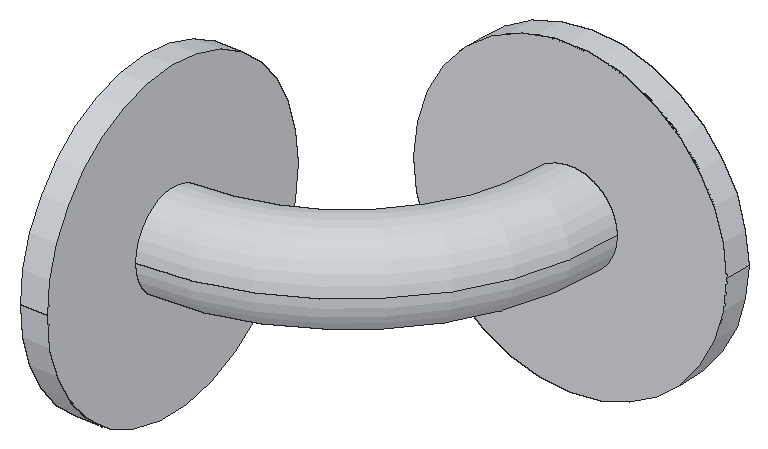
Revit family "M_Cotovelo - Flange - CS - Classe 150", category Conexões de tubo, Revit 2019
Family settings
  Cota do conector redondo = Usar raio
  Tipo de parte = Cotovelo
  Número OmniClass = 23.60.30.11.14
  Título OmniClass = Pipework Fittings
  ID de item do Seek = Elbow - Flanged - CS - Class 150-0000-CAN-ENU
  Com base no plano de trabalho = Não
  Sempre na vertical = Sim
  Corte com vazios quando carregada = Não
  Compartilhado = Não
Parameters (values of type "Padrão")
  Espessura da parede [instance] = size_lookup(Nome da tabela de pesquisa, "WThk", 0.02 * Diâmetro nominal + 4.465 mm, Diâmetro nominal)  # 4 mm
  Método de perda = Coeficiente K da tabela
  Nome da tabela de pesquisa = "M_Elbow - Flanged - CS - Class 150"
  Comprimento 4 [instance] = Centro à superfície de contato * sin(Ângulo)  # 89 mm
  Comprimento 3 [instance] = Centro à superfície de contato + Centro à superfície de contato * cos(Ângulo)  # 89 mm
  Tamanho da marca de revisão [instance] = Diâmetro externo da flange * 0.4  # 44 mm
  Espessura da face elevada [instance] = 1.587 mm  # constant formula
  Raio da face elevada [instance] = Diâmetro da face elevada / 2  # 25.4 mm
  Diâmetro da face elevada [instance] = size_lookup(Nome da tabela de pesquisa, "RFD", 1.1 * Diâmetro nominal + 38.695 mm, Diâmetro nominal)  # 50.8 mm
  Comprimento 2 [instance] = Espessura da flange e da face elevada - Espessura da face elevada  # 9.6 mm
  Tabela de coeficiente K = "Cotovelo regular flangeado 90 e 180"
  Espessura do flange [instance] = size_lookup(Nome da tabela de pesquisa, "FThk", 0.06 * Diâmetro nominal + 12.502 mm, Diâmetro nominal)  # 9.6 mm
  Raio externo da conexão [instance] = Diâmetro externo da conexão / 2  # 16.5 mm
  Diâmetro externo da conexão [instance] = Diâmetro interno da conexão + Espessura da parede * 2  # 33 mm
  Comprimento 1 [instance] = (Raio externo da conexão + 0.794 mm) * tan(Ângulo / 2) + Espessura da flange e da face elevada  # 28.481 mm
  Raio nominal [instance] = 12.5 mm
  Diâmetro nominal [instance] = Raio nominal * 2  # 25 mm
  Diâmetro interno da conexão [instance] = size_lookup(Nome da tabela de pesquisa, "FID", 0.98 * Diâmetro nominal + 2.282 mm, Diâmetro nominal)  # 25 mm
  Centro à superfície de contato 1 [instance] = size_lookup(Nome da tabela de pesquisa, "CtCS1", 0.78 * Diâmetro nominal + 77.391 mm, Diâmetro nominal)  # 89 mm
  Centro à superfície de contato 2 [instance] = size_lookup(Nome da tabela de pesquisa, "CtCS2", 0.39 * Diâmetro nominal + 51.891 mm, Diâmetro nominal)  # 44 mm
  Centro à superfície de contato [instance] = if(and(Ângulo > 0.00°, (not(Ângulo > 45.00°))), if(Centro à superfície de contato 2 > Raio externo da conexão * tan(Ângulo / 2) + Espessura da flange e da face elevada, Centro à superfície de contato 2, Comprimento 1), if(Centro à superfície de contato 1 > Raio externo da conexão * tan(Ângulo / 2) + Espessura da flange e da face elevada, Centro à superfície de contato 1, Comprimento 1))  # 89 mm
  Raio do centro [instance] = (Centro à superfície de contato - Espessura da flange e da face elevada) / tan(Ângulo / 2)  # 77.813 mm
  Espessura da flange e da face elevada [instance] = Espessura do flange + Espessura da face elevada  # 11.188 mm
  Raio externo da flange [instance] = Diâmetro externo da flange / 2  # 55 mm
  Diâmetro externo da flange [instance] = size_lookup(Nome da tabela de pesquisa, "FOD", 1.23 * Diâmetro nominal + 93.861 mm, Diâmetro nominal)  # 110 mm
  Assembly Code = ""
  Ângulo [instance] = 90.00°
Reference planes
  plane 1 "Centro (Frente/Trás)": y = 0
  plane 2: z = 0
  plane 3 "Centro (Esquerda/Direita)": x = 0
  plane 4: x = -77.812
  plane 5: x = -89
  plane 6: y = 77.812
  plane 7: y = 44
  plane 8: y = -44
  plane 9: x = -87.412
  plane 10: y = 89
  plane 11: x = 0
Forms (mm)
  Sweep 1, solid, detail levels fine
    path in 3D
      loop
        arc (-77.812, 0, 0) -> (-22.791, 22.791, 0) -> (0, 77.812, 0) r 77.813
    profile origin (-22.791, 22.791, 0) x (-0.707107, 0.707107, 0) y (0, 0, 1)
      loop
        circle (0, 0) r 16.5
  Sweep 2, solid, detail levels fine
    path in 3D
      loop
        line (-87.412, 0, 0) -> (-77.812, 0, 0)
    profile origin (-82.612, 0, 0) x (0, 1, 0) y (0, 0, 1)
      loop
        circle (0, 0) r 55
  Sweep 3, solid, detail levels fine
    path in 3D
      loop
        line (0, 77.812, 0) -> (0, 87.412, 0)
    profile origin (0, 82.612, 0) x (-1, 0, 0) y (0, 0, 1)
      loop
        circle (0, 0) r 55
  Sweep 4, solid, detail levels fine
    path in 3D
      loop
        line (-89, 0, 0) -> (-87.412, 0, 0)
    profile origin (-88.206, 0, 0) x (0, 1, 0) y (0, 0, 1)
      loop
        circle (0, 0) r 25.4
  Sweep 5, solid, detail levels fine
    path in 3D
      loop
        line (0, 89, 0) -> (0, 87.412, 0)
    profile origin (0, 88.206, 0) x (1, 0, 0) y (0, 0, 1)
      loop
        circle (0, 0) r 25.4
Cuts and joins
  joined: Sweep 1, Sweep 2, Sweep 3, Sweep 4, Sweep 5
Lines and regions (mm)
  model lines, detail levels coarse+medium
    curve 1: line (-87.412, 0, 0) -> (-77.812, 0, 0)
    curve 2: arc (-77.812, 0, 0) -> (-22.791, 22.791, 0) -> (0, 77.812, 0) r 77.813
    curve 3: line (0, 77.812, 0) -> (0, 87.412, 0)
    curve 8: line (-89, 0, 0) -> (-89, 44, 0)
    curve 9: line (-89, 0, 0) -> (-89, -44, 0)
    curve 10: line (-89, 0, 0) -> (-87.412, 0, 0)
    curve 13: line (0, 89, 0) -> (-44, 89, 0)
    curve 14: line (0, 89, 0) -> (44, 89, 0)
    curve 15: line (0, 89, 0) -> (0, 87.412, 0)
  sketch lines
    curve 4: arc (-77.812, 0, 0) -> (-22.791, 22.791, 0) -> (0, 77.812, 0) r 77.813
    curve 5: line (-87.412, 0, 0) -> (-77.812, 0, 0)
    curve 6: line (0, 77.812, 0) -> (0, 87.412, 0)
    curve 11: line (-89, 0, 0) -> (-87.412, 0, 0)
    curve 16: line (0, 89, 0) -> (0, 87.412, 0)
  reference lines
    curve 7: line (-89, 0, 0) -> (-77.812, 0, 0)
    curve 12: line (0, 89, 0) -> (0, 77.812, 0)
Dimensions and locks
  "Raio do centro": plane 6 to plane 1 "Centro (Frente/Trás)"
  "Espessura da flange e da face elevada": plane 5 to plane 4
  "Tamanho da marca de revisão": plane 7 to plane 1 "Centro (Frente/Trás)"
  "Tamanho da marca de revisão": plane 8 to plane 1 "Centro (Frente/Trás)"
  "Comprimento 2": curve 3 to curve 3
  "Centro à superfície de contato": plane 5 to plane 3 "Centro (Esquerda/Direita)"
  "Espessura da face elevada": plane 5 to plane 9
  "Comprimento 4": plane 10 to plane 1 "Centro (Frente/Trás)"
  "Comprimento 3": plane 5 to plane 11
  "Tamanho da marca de revisão": curve 13 to curve 13
  "Tamanho da marca de revisão": curve 14 to curve 14
  "Espessura da face elevada": curve 15 to curve 15
  "Raio do centro": radius of curve 2
  "Raio externo da conexão": radius of Sweep 1 sketch curve
  "Raio externo da flange": radius of Sweep 2 sketch curve
  "Raio externo da flange": radius of Sweep 3 sketch curve
  "Raio da face elevada": radius of Sweep 4 sketch curve
  "Raio da face elevada": radius of Sweep 5 sketch curve
  "Ângulo": angle curve 2 to curve 2
  "Ângulo": angle plane 1 "Centro (Frente/Trás)" to curve 3
  "Ângulo": angle plane 1 "Centro (Frente/Trás)" to curve 12
  "Ângulo": angle plane 3 "Centro (Esquerda/Direita)" to curve 13
  "Ângulo": angle plane 3 "Centro (Esquerda/Direita)" to curve 14
  "Ângulo": angle plane 1 "Centro (Frente/Trás)" to curve 15
  aligned and locked: plane 4 to curve 2
  aligned and locked: plane 5 to curve 7
  aligned and locked: plane 1 "Centro (Frente/Trás)" to curve 7
  aligned and locked: plane 7 to curve 8
  aligned and locked: plane 1 "Centro (Frente/Trás)" to curve 9
  aligned and locked: plane 8 to curve 9
  aligned and locked: plane 9 to curve 1
  aligned and locked: plane 5 to curve 10
  aligned and locked: plane 11 to curve 12
  aligned and locked: plane 10 to curve 12
  aligned and locked: plane 10 to curve 15
Automatic sketch dimensions
  Sweep 1 sketch curve to profile plane = 0 mm  (x2)
  Sweep 2 sketch curve to profile plane = 0 mm  (x2)
  Sweep 3 sketch curve to profile plane = 0 mm  (x2)
  Sweep 4 sketch curve to profile plane = 0 mm  (x2)
  Sweep 5 sketch curve to profile plane = 0 mm  (x2)
  curve 7 to plane 4 = 0 mm
Connectors
  piping at (-89, 0, 0), diameter 25, driven by "Raio nominal", driven by "Ângulo"
    settings: on cut or joined group of Sweep 1, Sweep 2, Sweep 3, Sweep 4, Sweep 5, index 1, connector inside diameter 25 mm, connector length 0 mm, flow factor 0, pipe flow 0.0 L/s, pressure drop 0.0 Pa, fitting loss kfactor 0, connector angle 90.00°, fixture units 0, engagement length 0 mm, angle of deflection 0.00°, flow configuration 0, flow direction 0, fitting loss method 0, system type 28, joint type 0, gender type 0, connector reference index 2, connector utility 0, adjustable connector no, is connector primary yes, connector description ""
  piping at (0, 89, 0), diameter 25, driven by "Raio nominal", driven by "Ângulo"
    settings: on cut or joined group of Sweep 1, Sweep 2, Sweep 3, Sweep 4, Sweep 5, index 2, connector inside diameter 25 mm, connector length 0 mm, flow factor 0, pipe flow 0.0 L/s, pressure drop 0.0 Pa, fitting loss kfactor 0, connector angle 90.00°, fixture units 0, engagement length 0 mm, angle of deflection 0.00°, flow configuration 0, flow direction 0, fitting loss method 0, system type 28, joint type 0, gender type 0, connector reference index 1, connector utility 0, adjustable connector no, is connector primary no, connector description ""
